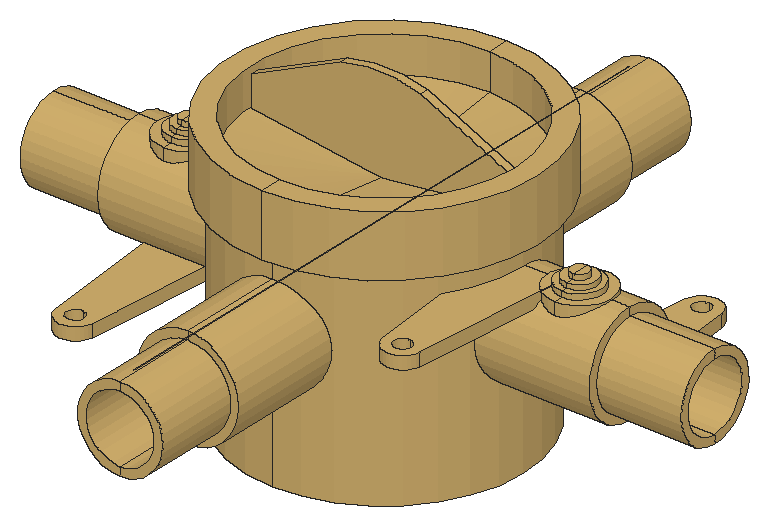
Revit family "Pressure_Balance_Rough_Valve-GROHE-35110000", category Plumbing Fixtures, host Face, Revit 2016
Family settings
  Host = Face
  Part Type = Normal
  Round Connector Dimension = Use Diameter
  OmniClass Number = 23.45.05.14.17
  OmniClass Title = Showers
  Cut with Voids When Loaded = Yes
  Shared = Yes
  Room Calculation Point = No
Parameters (values of type "GROHSAFE 3.0 - 35110000 1/2" Copper Sweat Inlet")
  Water Connection Diameter = 1/2"  # constant formula
  Waste Connection = no
  Warranty Information = ""
  WFU = 4  # constant formula
  Vent Connection = no
  URL = "www.grohe.ca"
  Type Comments = ""
  Specification = "1/2in Universal inlets/outlets; Includes plug for 3-port installation; Universal connection is 1/2” male threads by copper sweat; Flush plug included; Can be tested using flush plug with air (200 psi) or water 300 psi; Made of DZR Brass; Service stops; Cartridge ships with the trim"  # constant formula
  Shower Outlet To Spout Outlet Width = 3 5/8"  # constant formula
  ScrewDriver Stop = yes
  Product Page URL = ""
  Product Documentation Link = ""
  Price = "Prices may vary. Please consult Manufacturer Representative for most up-to-date price list."  # constant formula
  Plaster Guard = yes
  Outlet to Wall = 2"
  Outlet To Center = Shower Outlet To Spout Outlet Width / 2  # 1 13/16"
  Model = "35110000"
  Material = "DZR_Brass-Grohe"
  Manufacturer = "Grohe"  # constant formula
  Installation Type = "Wall Mounted"  # constant formula
  Inlet to Wall = 1"
  Inlet To Center = Hot Inlet To Cold Inlet Width / 2  # 2 7/16"
  Hot Inlet To Cold Inlet Width = 4 7/8"
  HWFU = 3  # constant formula
  HW Connection = yes
  Finish = DZR_Brass-Grohe
  Description = "Pressure Balance Valve Rough with Universal with Service Stops"  # constant formula
  Dept From Wall Face To Outlet = if(Outlet to Wall < 1 3/4", 1 3/4", if(Outlet to Wall > 2 3/4", 2 3/4", Outlet to Wall))  # 2"
  Dept From Wall Face To COFC = if(Inlet to Wall < 7/8", 7/8", if(Inlet to Wall > 2", 2", Inlet to Wall))  # 1"
  Default Elevation = 0"  # constant formula
  Creation Date = "03/19/2020"  # constant formula
  Connection Size = 1/2"  # constant formula
  Connection Outlet Description = "1/2\" Copper Sweat Connection Outlet"
  Connection HW Inlet Description = "1/2\" Copper Sweat Connection Inlet"
  Connection CW Inlet Description = "1/2\" Copper Sweat Connection Inlet"
  CWFU = 3  # constant formula
  CW Connection = yes
  Assembly Code = "D2020300"
Types (3): name | Inlet to Wall | Dept From Wall Face To COFC | Connection Outlet Description | Connection HW Inlet Description | Connection CW Inlet Description
  (no name) | 1" | 1" | "1/2\" Copper Sweat Connection Outlet" | "1/2\" Copper Sweat Connection Inlet" | "1/2\" Copper Sweat Connection Inlet"
  GROHSAFE 3.0 - 35110000 1/2" Copper Sweat Inlet | 1" | 1" | "1/2\" Copper Sweat Connection Outlet" | "1/2\" Copper Sweat Connection Inlet" | "1/2\" Copper Sweat Connection Inlet"
  GROHSAFE 3.0 - 35110000 1/2" NPT Inlet | 1 1/4" | 1 1/4" | "1/2\"  NPT Connection Outlet" | "1/2\"  NPT Connection Outlet" | "1/2\"  NPT Connection Outlet"
Reference planes (in)
  plane 1 "Center (Front/Back)": y = -0.625
  plane 2: z = 0
  plane 3 "Center (Left/Right)": x = 0
  plane 4: z = -0.45494
  plane 5: y = -0.59375
  plane 6: y = -0.65625
  plane 7: y = -2.4375
  plane 8: y = 1.1875
  plane 9: z = -2
  plane 10: z = -1
  plane 11: x = 1.03125
  plane 12: x = -1.03125
  plane 13: x = 2.4375
  plane 14: x = -2.4375
  plane 15: z = -1.28125
Forms (in)
  Extrusion 1, solid
    sketch origin (0, 0, 0) x (1, 0, 0) y (0, 1, 0)
      loop
        line (-0.12634, -0.50696) -> (-0.12634, -0.76768) -> (0.16418, -0.76768) -> (0.16418, -0.50696) -> (-0.12634, -0.50696)
    from -0.69087 to -0.7969
  Revolve 2, solid, material "DZR_Brass-Grohe"
    sketch origin (0, 0, 0) x (0, 1, 0) y (0, 0, 1)
      loop
        line (0.40625, -2) -> (0.40625, -0.45494) -> (0.5046, -0.45494) -> (0.5046, 0) -> (0.34375, 0) -> (0.34375, -0.26863) -> (-0.625, -0.39363) -> (-0.625, -0.51744) -> (0.34375, -0.51744) -> (0.34375, -1.9375) -> (-0.625, -1.9375) -> (-0.625, -2) -> (0.40625, -2)
      axis (-0.625, 0) -> (-0.625, -2)
    angle from 0 to 360
  Extrusion 3, solid, material "DZR_Brass-Grohe"
    sketch origin (0, 1.1875, -0.72266) x (0, 1, 0) y (-1, 0, 0)
      loop
        line (-0.63558, 1.20343) -> (-1.8125, 1.31847) -> (-1.8125, 0.81724) -> (-0.63558, 0.93227)
        arc (-0.63558, 0.93227) -> (-0.5126, 1.06785) -> (-0.63558, 1.20343) r 0.13623
      loop
        circle (-0.64883, 1.06785) r 0.06518
      loop
        line (-2.98942, -1.20343) -> (-1.8125, -1.31847) -> (-1.8125, -0.81724) -> (-2.98942, -0.93227)
        arc (-2.98942, -0.93227) -> (-3.1124, -1.06785) -> (-2.98942, -1.20343) r 0.13623
      loop
        circle (-2.97617, -1.06785) r 0.06518
    from 0.00391 to 0.09918
  Extrusion 4, solid, material "DZR_Brass-Grohe", visible <- "Plaster Guard"
    sketch origin (0, -5.06165, -2.01731) x (0, -1, 0) y (1, 0, 0)
      loop
        arc (-3.25973, -1.48468) -> (-3.13676, -1.3491) -> (-3.25973, -1.21352) r 0.13623
        line (-3.25973, -1.21352) -> (-4.43665, -1.09849) -> (-4.43665, -1.59972) -> (-3.25973, -1.48468)
      loop
        circle (-3.27298, -1.3491) r 0.06518
      loop
        arc (-5.61357, 1.54718) -> (-5.73655, 1.4116) -> (-5.61357, 1.27602) r 0.13623
        line (-5.61357, 1.27602) -> (-4.43665, 1.16099) -> (-4.43665, 1.66222) -> (-5.61357, 1.54718)
      loop
        circle (-5.60032, 1.4116) r 0.06518
    from 0.64201 to 0.73606
  Extrusion 5, solid, material "DZR_Brass-Grohe"
    sketch origin (0, -0.625, 0) x (1, 0, 0) y (0, 0, 1)
      loop
        line (1.06785, -0.45494) -> (1.06785, -0.09479) -> (0.29629, 0.26499)
        arc (0.29629, 0.26499) -> (0, 0.30738) -> (-0.29629, 0.26499) r 1.05669
        line (-0.29629, 0.26499) -> (-1.06785, -0.09479) -> (-1.06785, -0.45494) -> (1.06785, -0.45494)
    from -0.03125 to 0.03125
  Revolve 6, solid, material "DZR_Brass-Grohe", visible <- "ScrewDriver Stop"
    sketch origin (-1.44285, -0.65886, 48.30811) x (0, -1, 0) y (0, 0, 1)
      loop
        line (-0.03386, -49.02686) -> (0.19474, -49.02686) -> (0.19474, -48.92634) -> (0.12322, -48.92634) -> (0.12322, -48.88633) -> (0.07947, -48.88633) -> (0.07947, -48.85147) -> (0.03078, -48.85147) -> (0.03078, -48.81592) -> (-0.03386, -48.81592) -> (-0.03386, -49.02686)
      axis (-0.03386, -49.02686) -> (-0.03386, -48.81592)
    angle from 0 to 360
  Revolve 7, solid, material "DZR_Brass-Grohe", visible <- "ScrewDriver Stop"
    sketch origin (1.44285, 2.2913, 48) x (0, 1, 0) y (0, 0, 1)
      loop
        line (-2.9163, -48.71875) -> (-2.9163, -48.50853) -> (-2.98094, -48.50853) -> (-2.98094, -48.54408) -> (-3.03483, -48.54408) -> (-3.03483, -48.57894) -> (-3.07858, -48.57894) -> (-3.07858, -48.61895) -> (-3.1501, -48.61895) -> (-3.1501, -48.71875) -> (-2.9163, -48.71875)
      axis (-2.9163, -48.71875) -> (-2.9163, -48.50853)
    angle from 0 to 360
  Revolve 8, solid, material "DZR_Brass-Grohe"
    sketch origin (0, -0.625, 0) x (1, 0, 0) y (0, 0, 1)
      loop
        line (2.4375, -0.75) -> (2.4375, -0.6875) -> (1.8125, -0.6875) -> (1.8125, -0.625) -> (-1.8125, -0.625) -> (-1.8125, -0.6875) -> (-2.4375, -0.6875) -> (-2.4375, -0.75) -> (2.4375, -0.75)
      axis (2.4375, -1) -> (-2.4375, -1)
    angle from 0 to 360
  Revolve 9, solid, material "DZR_Brass-Grohe"
    sketch origin (0, -0.625, 0) x (0, 1, 0) y (0, 0, 1)
      loop
        line (2.4375, -0.75) -> (2.4375, -0.6875) -> (1.8125, -0.6875) -> (1.8125, -0.625) -> (-1.8125, -0.625) -> (-1.8125, -0.6875) -> (-2.4375, -0.6875) -> (-2.4375, -0.75) -> (2.4375, -0.75)
      axis (2.4375, -1) -> (-2.4375, -1)
    angle from 0 to 360
  Extrusion 10, void
    sketch origin (0, 1.1875, -0.72266) x (0, 1, 0) y (-1, 0, 0)
      loop
        circle (-1.8125, 0) r 2
    from -2.58468 to 0.72266
Cuts and joins
  joined: Extrusion 3, Extrusion 5
Lines and regions (in)
  Masking region 1
    outline origin (0, -0.625, 0) x (1, 0, 0) y (0, 0, 1)
      loop
        arc (0.29629, 0.26499) -> (0, 0.30738) -> (-0.29629, 0.26499) r 1.05669
        line (-0.29629, 0.26499) -> (-0.86457, 0) -> (-1.1296, 0) -> (-1.1296, -0.45494) -> (-1.03125, -0.45494) -> (-1.03125, -0.61895) -> (-1.28057, -0.61895) -> (-1.28057, -0.57894) -> (-1.32432, -0.57894) -> (-1.32432, -0.54408) -> (-1.37821, -0.54408) -> (-1.37821, -0.50853) -> (-1.50768, -0.50853) -> (-1.50768, -0.54408) -> (-1.56146, -0.54408) -> (-1.56146, -0.57894) -> (-1.6771, -0.57894) -> (-1.6771, -0.625) -> (-1.8125, -0.625) -> (-1.8125, -0.6875) -> (-2.4375, -0.6875) -> (-2.4375, -1.3125) -> (-1.8125, -1.3125) -> (-1.8125, -1.37572) -> (-1.03179, -1.37572) -> (-1.03179, -2.00439) -> (0, -2.00439) -> (1.03179, -2.00439) -> (1.03179, -1.37572) -> (1.8125, -1.37572) -> (1.8125, -1.3125) -> (2.4375, -1.3125) -> (2.4375, -0.6875) -> (1.8125, -0.6875) -> (1.8125, -0.625) -> (1.6771, -0.625) -> (1.6771, -0.57894) -> (1.56146, -0.57894) -> (1.56146, -0.54408) -> (1.50768, -0.54408) -> (1.50768, -0.50853) -> (1.37821, -0.50853) -> (1.37821, -0.54408) -> (1.32432, -0.54408) -> (1.32432, -0.57894) -> (1.28057, -0.57894) -> (1.28057, -0.61895) -> (1.03125, -0.61895) -> (1.03125, -0.45494) -> (1.1296, -0.45494) -> (1.1296, 0) -> (0.86457, 0) -> (0.29629, 0.26499)
  symbolic lines, detail levels fine
    curve 1: line (0.86457, -0.625, 0) -> (-0.86457, -0.625, 0)
    curve 2: line (1.1296, -0.625, -0.45494) -> (0, -0.625, -0.45494)
    curve 3: line (0, -0.625, -0.45494) -> (-1.1296, -0.625, -0.45494)
    curve 4: circle (0, -0.625, -1) r 0.3125 normal (0, -1, 0)
    curve 5: circle (0, -0.625, -1) r 0.25 normal (0, -1, 0)
    curve 6: line (1.20905, -0.625, -0.61895) -> (1.6771, -0.625, -0.61895)
    curve 7: line (1.28057, -0.625, -0.57894) -> (1.56146, -0.625, -0.57894)
    curve 8: line (1.32432, -0.625, -0.54408) -> (1.50768, -0.625, -0.54408)
    curve 9: line (1.8125, -0.625, -0.625) -> (1.8125, -0.625, -1.375)
    curve 10: line (-1.8125, -0.625, -0.625) -> (-1.8125, -0.625, -1.375)
    curve 11: line (-1.37821, -0.625, -0.54336) -> (-1.50768, -0.625, -0.54336)
    curve 12: line (-1.28577, -0.625, -0.57822) -> (-1.56146, -0.625, -0.57822)
    curve 13: line (-1.21426, -0.625, -0.61822) -> (-1.6771, -0.625, -0.61822)
    curve 14: circle (0, -0.625, -1) r 0.375 normal (0, -1, 0)
Dimensions and locks (in)
  locked: Revolve 2 sketch curve to Revolve 2 sketch curve at 0.0625
  locked: cut or joined group of Extrusion 3, Extrusion 5 to cut or joined group of Extrusion 3, Extrusion 5 at 0.09528
  locked: Extrusion 4 to Extrusion 4 at 0.09405
  plane 4 to level = 0.45494"
  Revolve 6 sketch curve to Revolve 6 sketch curve to Revolve 6 sketch curve to Revolve 6 sketch curve = 0.03555" locked, 0.03486" locked, 0.04" locked
  Revolve 6 sketch curve to Revolve 6 sketch curve to Revolve 6 sketch curve to Revolve 6 sketch curve to Revolve 6 sketch curve = 0.06464" locked, 0.04869", 0.04375" locked, 0.07151" locked
  Revolve 7 sketch curve to Revolve 7 sketch curve to Revolve 7 sketch curve to Revolve 7 sketch curve to Revolve 7 sketch curve = 0.03555" locked, 0.03486" locked, 0.04" locked, 0.0998" locked
  Revolve 7 sketch curve to Revolve 7 sketch curve to Revolve 7 sketch curve to Revolve 7 sketch curve to Revolve 7 sketch curve = 0.06464" locked, 0.0539" locked, 0.04375" locked, 0.07151" locked
  Revolve 2 sketch curve to Revolve 2 sketch curve to Revolve 2 sketch curve to plane 1 "Center (Front/Back)" = 0.09835" locked, 1/16" locked, 31/32" locked
  Revolve 2 sketch curve to Revolve 2 sketch curve to Revolve 2 sketch curve = 1/16" locked, 0.45494"
  equal spacing: plane 8, plane 1 "Center (Front/Back)", plane 7
  "Hot Inlet To Cold Inlet Width": plane 14 to plane 13
  Revolve 8 sketch curve to plane 13 = 5/8"
  plane 14 to Revolve 8 sketch curve = 5/8"
  locked: Revolve 8 sketch curve to Revolve 8 sketch curve at 0.0625
  locked: Revolve 9 sketch curve to Revolve 9 sketch curve at 0.0625
  "Dept From Wall Face To Outlet": level to plane 9
  "Dept From Wall Face To COFC": level to plane 10
  level to plane 10 = 1"
  plane 6 to plane 7 = 1 25/32"
  Extrusion 4 to Extrusion 4 = 0.09405"
  Revolve 7 sketch curve to Revolve 7 sketch curve = 0.21022"
  locked: plane 10 to plane 15 at 0.28125
  locked: cut or joined group of Extrusion 3, Extrusion 5 to plane 10 at 0.28125
  diameter of Extrusion 10 sketch curve = 4"
  aligned and locked: plane 1 "Center (Front/Back)" to Revolve 2 sketch curve
  aligned and locked: Revolve 2 sketch curve to plane 1 "Center (Front/Back)"  (x2)
  aligned and locked: plane 1 "Center (Front/Back)" to Extrusion 3 sketch curve
  aligned and locked: Extrusion 5 to plane 5
  aligned and locked: Revolve 2 sketch curve to Revolve 2 sketch curve
  aligned and locked: Revolve 2 to curve 1
  aligned and locked: plane 14 to Revolve 8 sketch curve
  aligned and locked: plane 10 to Revolve 8 sketch curve
  aligned and locked: plane 13 to Revolve 8 sketch curve
  aligned and locked: Revolve 9 sketch curve to plane 10
  aligned and locked: Revolve 2 sketch curve to plane 9
  aligned and locked: plane 7 to Revolve 9 sketch curve
  aligned and locked: plane 4 to Revolve 2 sketch curve
  aligned and locked: Extrusion 4 to plane 15
  aligned and locked: Revolve 6 sketch curve to plane 1 "Center (Front/Back)"
  aligned and locked: plane 1 "Center (Front/Back)" to Revolve 6 sketch curve
  aligned and locked: Revolve 7 sketch curve to cut or joined group of Extrusion 3, Extrusion 5
  aligned and locked: cut or joined group of Extrusion 3, Extrusion 5 to Revolve 6 sketch curve
  aligned and locked: level to Extrusion 10
  aligned and locked: Revolve 6 to cut or joined group of Extrusion 3, Extrusion 5
  aligned and locked: Masking region 1 sketch curve to cut or joined group of Extrusion 3, Extrusion 5  (x2)
  aligned and locked: cut or joined group of Extrusion 3, Extrusion 5 to Masking region 1 sketch curve
  aligned and locked: Extrusion 10 to Masking region 1 sketch curve
  aligned and locked: Masking region 1 sketch curve to Revolve 7  (x4)
  aligned and locked: curve 4 to Revolve 9
  aligned and locked: curve 5 to Revolve 9
  aligned and locked: curve 6 to Revolve 7
  aligned and locked: curve 7 to Revolve 7
  aligned and locked: curve 8 to Revolve 7
  aligned and locked: curve 9 to Revolve 8
  aligned and locked: curve 10 to Revolve 8
  aligned and locked: Revolve 6 to curve 11
  aligned and locked: Revolve 6 to curve 12
  aligned and locked: Revolve 6 to curve 13
  aligned and locked: curve 14 to Revolve 9
Automatic sketch dimensions
  Extrusion 1 sketch curve to Extrusion 1 sketch curve = 0.29052"
  Extrusion 1 sketch curve to Extrusion 1 sketch curve = 0.26072"
  Extrusion 3 sketch curve to Extrusion 3 sketch curve = 0"  (x4)
  plane 1 "Center (Front/Back)" to Extrusion 3 sketch curve = 0"
  Extrusion 3 sketch curve to plane 11 = 0.0366"
  plane 7 to Extrusion 3 sketch curve = 0.64883"
  Extrusion 3 sketch curve to plane 11 = 0.17218"
  Extrusion 3 sketch curve to Extrusion 3 sketch curve = 0.01325"  (x2)
  plane 11 to Extrusion 3 sketch curve = 0.09898"
  plane 12 to Extrusion 3 sketch curve = 0.0366"
  Extrusion 3 sketch curve to plane 8 = 0.64883"
  plane 12 to Extrusion 3 sketch curve = 0.17218"
  Extrusion 3 sketch curve to plane 12 = 0.09898"
  Extrusion 3 sketch curve to plane 11 = 0.28722"
  plane 11 to Extrusion 3 sketch curve = 0.21401"
  Extrusion 3 sketch curve to plane 12 = 0.21401"
  plane 12 to Extrusion 3 sketch curve = 0.28722"
  Extrusion 4 sketch curve to Extrusion 4 sketch curve = 0"  (x4)
  plane 1 "Center (Front/Back)" to Extrusion 4 sketch curve = 0"  (x2)
  Extrusion 4 sketch curve to plane 8 = 0.64883"
  Extrusion 4 sketch curve to Extrusion 4 sketch curve = 0.01325"  (x4)
  Extrusion 4 sketch curve to plane 11 = 0.24477"
  plane 12 to Extrusion 4 sketch curve = 0.31785"
  plane 7 to Extrusion 4 sketch curve = 0.64883"
  plane 12 to Extrusion 4 sketch curve = 0.18227"
  plane 12 to Extrusion 4 sketch curve = 0.56847"
  plane 12 to Extrusion 4 sketch curve = 0.06724"
  Extrusion 4 sketch curve to plane 11 = 0.12974"
  Extrusion 4 sketch curve to Extrusion 4 sketch curve = 0.13558"
  Extrusion 4 sketch curve to Extrusion 4 sketch curve = 0.50123"
  Extrusion 5 sketch curve to plane 4 = 0"
  Extrusion 5 sketch curve to plane 3 "Center (Left/Right)" = 0"
  Extrusion 5 sketch curve to plane 3 "Center (Left/Right)" = 0.29629"
  plane 12 to Extrusion 5 sketch curve = 0.0366"
  plane 3 "Center (Left/Right)" to Extrusion 5 sketch curve = 0.29629"
  Extrusion 5 sketch curve to plane 11 = 0.0366"
  Extrusion 5 sketch curve to plane 4 = 0.29438"
  Extrusion 5 sketch curve to level = 0.09479"  (x2)
  level to Extrusion 5 sketch curve = 0.26499"
  Revolve 7 sketch curve to plane 1 "Center (Front/Back)" = 0"  (x2)
  Revolve 7 sketch curve to plane 4 = 0.02304"
  plane 4 to Revolve 7 sketch curve = 0.02126"
  plane 10 to Revolve 8 sketch curve = 1/4"
  Revolve 8 sketch curve to Revolve 8 sketch curve = 1/16"  (x2)
  plane 14 to Revolve 8 sketch curve = 0.01756"
  Revolve 8 sketch curve to Revolve 8 sketch curve = 0.44748"
  Revolve 9 sketch curve to plane 8 = 0"
  plane 10 to Revolve 9 sketch curve = 1/4"
  Revolve 9 sketch curve to plane 7 = 5/8"
  Revolve 9 sketch curve to Revolve 9 sketch curve = 5/8"
  Revolve 9 sketch curve to Revolve 9 sketch curve = 1/16"  (x2)
  Revolve 9 sketch curve to Revolve 9 sketch curve = 0.01756"
  Revolve 9 sketch curve to Revolve 9 sketch curve = 0.44748"
  plane 4 to Revolve 2 sketch curve = 0.06131"
  plane 4 to Revolve 2 sketch curve = 0.18631"
  level to Revolve 2 sketch curve = 0.24949"
  Revolve 2 sketch curve to Revolve 2 sketch curve = 0.17262"
  Revolve 6 sketch curve to Revolve 6 sketch curve = 0.10053"
  Revolve 6 sketch curve to level = 0.16986"
  Revolve 6 sketch curve to Revolve 6 sketch curve = 0.0443"
  plane 1 "Center (Front/Back)" to Extrusion 10 sketch curve = 0"
  Extrusion 10 sketch curve to plane 3 "Center (Left/Right)" = 0"
  plane 14 to Masking region 1 sketch curve = 0"
  Masking region 1 sketch curve to level = 0"
  Masking region 1 sketch curve to plane 4 = 0"  (x2)
  plane 12 to Masking region 1 sketch curve = 0"
  plane 11 to Masking region 1 sketch curve = 0"
  plane 13 to Masking region 1 sketch curve = 0"
  Masking region 1 sketch curve to Masking region 1 sketch curve = 5/8"  (x2)
  Masking region 1 sketch curve to plane 15 = 1/32"  (x2)
  Masking region 1 sketch curve to Masking region 1 sketch curve = 0.1354"  (x2)
  Masking region 1 sketch curve to Masking region 1 sketch curve = 0.11564"  (x2)
  Masking region 1 sketch curve to Masking region 1 sketch curve = 0.05378"  (x2)
  Masking region 1 sketch curve to Masking region 1 sketch curve = 0.12946"  (x2)
  Masking region 1 sketch curve to Masking region 1 sketch curve = 0.0539"  (x2)
  Masking region 1 sketch curve to Masking region 1 sketch curve = 0.04375"  (x2)
  plane 12 to Masking region 1 sketch curve = 0.09835"
  plane 12 to Masking region 1 sketch curve = 0.00054"
  Masking region 1 sketch curve to plane 11 = 0.00054"
  Masking region 1 sketch curve to plane 11 = 0.09835"
  Masking region 1 sketch curve to Masking region 1 sketch curve = 0.24932"
  plane 13 to Masking region 1 sketch curve = 5/8"
  Masking region 1 sketch curve to Masking region 1 sketch curve = 0.06322"
  Masking region 1 sketch curve to plane 15 = 0.09447"
  Masking region 1 sketch curve to plane 9 = 0.00439"
  plane 10 to Masking region 1 sketch curve = 5/16"  (x2)
  Masking region 1 sketch curve to Masking region 1 sketch curve = 1/16"  (x2)
  plane 10 to Masking region 1 sketch curve = 0.38105"
  Masking region 1 sketch curve to Masking region 1 sketch curve = 0.04606"  (x2)
  Masking region 1 sketch curve to Masking region 1 sketch curve = 0.04"
  Masking region 1 sketch curve to Masking region 1 sketch curve = 0.03486"  (x3)
  Masking region 1 sketch curve to Masking region 1 sketch curve = 0.03555"
  Masking region 1 sketch curve to plane 3 "Center (Left/Right)" = 0"
  curve 3 to plane 4 = 0"
  curve 1 to level = 0"
  curve 3 to plane 3 "Center (Left/Right)" = 0"
  curve 10 to curve 13 = 0.1354"
  curve 13 to curve 12 = 0.11564"
  curve 12 to curve 11 = 0.05378"
  curve 11 to curve 11 = 0.12946"
  curve 11 to curve 12 = 0.09244"
  curve 12 to curve 13 = 0.07151"
  plane 12 to curve 3 = 0.09835"
  curve 1 to plane 12 = 0.16668"
  plane 11 to curve 1 = 0.16668"
  curve 2 to plane 11 = 0.09835"
  curve 6 to plane 11 = 0.1778"
  curve 6 to curve 7 = 0.07151"
  curve 7 to curve 8 = 0.04375"
  curve 8 to curve 8 = 0.18336"
  curve 8 to curve 7 = 0.05378"
  curve 7 to curve 6 = 0.11564"
  curve 10 to plane 15 = 3/32"
  curve 9 to plane 15 = 3/32"
  curve 10 to curve 13 = 0.00678"
  curve 9 to curve 6 = 0.00605"
  radius of Extrusion 3 sketch curve = 0.06518"  (x2)
  radius of Extrusion 4 sketch curve = 0.06518"  (x2)
Connectors (in)
  piping at (0, -3.0625, -1), diameter 0.5, driven by "Connection Outlet Description", driven by "Connection Size"
    settings: on Revolve 9, index 1, connector inside diameter 24", connector length 0", flow factor 0, pipe flow 0 GPM, pressure drop 0.00 psi, fitting loss kfactor 0, connector angle 0.00°, fixture units 0, engagement length 0", angle of deflection 0.00°, flow configuration 2, flow direction 2, fitting loss method 0, system type 7, joint type 0, gender type 0, connector reference index -1, connector utility 0, adjustable connector no, is connector primary yes, connector description "1/2\" Copper Sweat Connection Outlet"
  piping at (0, 1.8125, -1), diameter 0.5, driven by "Connection Outlet Description", driven by "Connection Size"
    settings: on Revolve 9, index 2, connector inside diameter 24", connector length 0", flow factor 0, pipe flow 0 GPM, pressure drop 0.00 psi, fitting loss kfactor 0, connector angle 0.00°, fixture units 0, engagement length 0", angle of deflection 0.00°, flow configuration 2, flow direction 2, fitting loss method 0, system type 7, joint type 0, gender type 0, connector reference index -1, connector utility 0, adjustable connector no, is connector primary no, connector description "1/2\" Copper Sweat Connection Outlet"
  piping at (-2.4375, -0.625, -1), diameter 0.5, driven by "Connection HW Inlet Description", driven by "Connection Size"
    settings: on Revolve 8, index 3, connector inside diameter 24", connector length 0", flow factor 0, pipe flow 0 GPM, pressure drop 0.00 psi, fitting loss kfactor 0, connector angle 0.00°, fixture units 0, engagement length 0", angle of deflection 0.00°, flow configuration 2, flow direction 1, fitting loss method 0, system type 19, joint type 0, gender type 0, connector reference index -1, connector utility 0, adjustable connector no, is connector primary no, connector description "1/2\" Copper Sweat Connection Inlet"
  piping at (2.4375, -0.625, -1), diameter 0.5, driven by "Connection CW Inlet Description", driven by "Connection Size"
    settings: on Revolve 8, index 4, connector inside diameter 24", connector length 0", flow factor 0, pipe flow 0 GPM, pressure drop 0.00 psi, fitting loss kfactor 0, connector angle 0.00°, fixture units 0, engagement length 0", angle of deflection 0.00°, flow configuration 2, flow direction 1, fitting loss method 0, system type 20, joint type 0, gender type 0, connector reference index -1, connector utility 0, adjustable connector no, is connector primary no, connector description "1/2\" Copper Sweat Connection Inlet"
